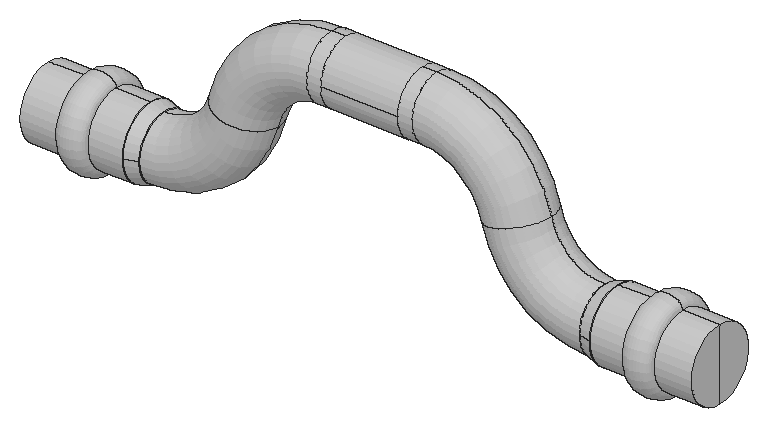
Revit family "PF_Арматура трубопровода [Фитинг из нержавеющей стали - пресс-обвод VTi.971.I] - VALTEC", category Арматура трубопроводов, Revit 2018
Family settings
  Размер круглого соединителя = Использовать диаметр
  Тип детали = Вставляется
  На основе рабочей плоскости = Нет
  Всегда вертикально = Да
  При загрузке вырезать с полостями = Нет
  Общий = Нет
Parameters (values of type "VTi.971.I")
  Таблица 2 = "PF_Арматура трубопровода [Фитинг из нержавеющей стали - пресс-обвод VTi.971.I] - VALTEC - Таблица 2"  # constant formula
  Таблица 1 = "PF_Арматура трубопровода [Фитинг из нержавеющей стали - пресс-обвод VTi.971.I] - VALTEC - Таблица 1"  # constant formula
  КМС [instance] = size_lookup(Таблица 2, "КМС", 0, k)  # 0.68
  Изготовитель = "VALTEC"  # constant formula
  r [instance] = size_lookup(Таблица 1, "r", 0 mm, k)  # 16.4 mm
  l5 [instance] = (L1 * 15.7) / 100  # 20.096 mm
  l4 [instance] = (L1 * 2) / 100  # 2.56 mm
  l3 [instance] = (L1 * 5.2) / 100  # 6.656 mm
  l2 [instance] = (L1 * 4.4) / 100  # 5.632 mm
  l1 [instance] = (L1 * 5.6) / 100  # 7.168 mm
  k [instance] = 12 mm
  H [instance] = size_lookup(Таблица 1, "H", 0 mm, k)  # 31 mm
  d [instance] = size_lookup(Таблица 1, "d", 0 mm, k)  # 12 mm
  URL = "https://valtec.ru/"
  L1 [instance] = size_lookup(Таблица 1, "L1", 0 mm, k)  # 128 mm
  ADSK_Расход жидкости [instance] = 0.0 L/s
  ADSK_Примечание [instance] = ""
  ADSK_Позиция [instance] = ""
  ADSK_Обозначение [instance] = "VTi.971.I"  # constant formula
  ADSK_Наименование [instance] = size_lookup(Таблица 1, "", "Данный типоразмер отсутствует", k)  # "Фитинг из нержавеющей стали - пресс-обвод 12 х 12 мм"
  ADSK_Материал = Сталь, нержавеющая - VALTEC
  ADSK_Масса [instance] = size_lookup(Таблица 1, "ADSK_Масса", 0, k)  # 0.057
  ADSK_Марка [instance] = size_lookup(Таблица 2, "", "Данный типоразмер отсутствует", k)  # "VTi.971.I.001212"
  ADSK_Код изделия [instance] = size_lookup(Таблица 2, "", "Данный типоразмер отсутствует", k)  # "VTi.971.I.001212"
  ADSK_Завод-изготовитель [instance] = Изготовитель  # "VALTEC"
  ADSK_Единица измерения [instance] = "шт."  # constant formula
  ADSK_URL страницы изделия = "https://valtec.ru/catalog/sistemy_truboprovodov_iz_nerzhavejushhej_stali/fitingi_iz_nerzhavejushhej_stali/press_fiting_iz_nerjaveyushej_stali_s_narujnoj_rezboj_vti901i.html"
  ADSK_URL документации изделия = "https://valtec.ru/document/technical/VT.INOX-PRESS-0117.pdf"
  h [instance] = (L1 * 1.4) / 100  # 1.792 mm
  dн [instance] = size_lookup(Таблица 1, "dн", 0 mm, k)  # 13.6 mm
Reference planes
  plane 1 "По центру (Вперед/Назад)": y = 0
  plane 2: z = 0
  plane 3 "По центру (Влево/Вправо)": x = 0
  plane 4: x = -64
  plane 5: x = 64
  plane 6: x = -56.832
  plane 7: x = -51.2
  plane 8: x = -44.544
  plane 9: x = -41.984
  plane 10: x = 56.832
  plane 11: x = 51.2
  plane 12: x = 44.544
  plane 13: x = 41.984
  plane 14: x = -10.048
  plane 15: x = 10.048
  plane 16: x = -26.016
  plane 17: x = 26.016
  plane 18: z = 31
  plane 19: z = 25
  plane 20: z = 19
  plane 21: z = 12.5
  plane 22: x = -7.348
  plane 23: x = 7.348
  plane 24: z = 6.8
  plane 25: z = -6.8
Forms (mm)
  Blend 1, solid, material "Сталь, нержавеющая - VALTEC" <- "ADSK_Материал", detail levels fine
    base sketch origin (0, 0, 0) x (0, 1, 0) y (0, 0, 1)
      loop
        circle (0, 0) r 6.8
    top sketch origin (0, 0, 0) x (0, 1, 0) y (0, 0, 1)
      loop
        circle (0, 0) r 6
    from 44.544 to 41.984
  Blend 2, solid, material "Сталь, нержавеющая - VALTEC" <- "ADSK_Материал", detail levels fine
    base sketch origin (0, 0, 0) x (0, 1, 0) y (0, 0, 1)
      loop
        circle (0, 0) r 6.8
    top sketch origin (0, 0, 0) x (0, 1, 0) y (0, 0, 1)
      loop
        circle (0, 0) r 6
    from -44.544 to -41.984
  Sweep 3, solid, material "Сталь, нержавеющая - VALTEC" <- "ADSK_Материал", detail levels fine
    path origin (0, 0, 0) x (1, 0, 0) y (0, 0, 1)
      loop
        line (-44.544, 0) -> (-41.984, 0)
        arc (-41.984, 0) -> (-31.836, 3.486) -> (-26.016, 12.5) r 16.4
        arc (-26.016, 12.5) -> (-20.196, 21.514) -> (-10.048, 25) r 16.4
        line (-10.048, 25) -> (-7.334, 25)
    profile origin (-26.016, 0, 12.5) x (-0.971314, 0, 0.237802) y (0, -1, 0)
      loop
        circle (0, 0) r 6
  Sweep 4, solid, material "Сталь, нержавеющая - VALTEC" <- "ADSK_Материал", detail levels fine
    path origin (0, 0, 0) x (-1, 0, 0) y (0, 0, 1)
      loop
        line (-44.544, 0) -> (-41.984, 0)
        arc (-41.984, 0) -> (-31.836, 3.486) -> (-26.016, 12.5) r 16.4
        arc (-26.016, 12.5) -> (-20.196, 21.514) -> (-10.048, 25) r 16.4
        line (-10.048, 25) -> (-7.348, 25)
    profile origin (26.016, 0, 12.5) x (-0.971314, 0, -0.237802) y (0, -1, 0)
      loop
        circle (0, 0) r 6
  Extrusion 5, solid, material "Сталь, нержавеющая - VALTEC" <- "ADSK_Материал", detail levels fine
    sketch origin (0, 0, 0) x (0, 1, 0) y (0, 0, 1)
      loop
        circle (0, 25) r 6
    from -7.334 to 7.348
  Revolve 6, solid, material "Сталь, нержавеющая - VALTEC" <- "ADSK_Материал", detail levels fine
    sketch origin (0, 0, 0) x (1, 0, 0) y (0, 0, 1)
      loop
        line (-56.832, 6.8) -> (-64, 6.8) -> (-64, 0) -> (-44.544, 0) -> (-44.544, 6.8) -> (-51.2, 6.8)
        spline (-51.2, 6.8) -> (-51.296, 7.264) -> (-51.577, 7.696) -> (-52.025, 8.067) -> (-52.608, 8.352) -> (-53.287, 8.531) -> (-54.016, 8.592) -> (-54.745, 8.531) -> (-55.424, 8.352) -> (-56.007, 8.067) -> (-56.455, 7.696) -> (-56.736, 7.264) -> (-56.832, 6.8)
      axis (-64, 0) -> (-44.544, 0)
    angle from 0 to 360
  Revolve 7, solid, material "Сталь, нержавеющая - VALTEC" <- "ADSK_Материал", detail levels fine
    sketch origin (0, 0, 0) x (1, 0, 0) y (0, 0, 1)
      loop
        line (51.2, 6.8) -> (44.544, 6.8) -> (44.544, 0) -> (64, 0) -> (64, 6.8) -> (56.832, 6.8)
        spline (56.832, 6.8) -> (56.736, 7.264) -> (56.455, 7.696) -> (56.007, 8.067) -> (55.424, 8.352) -> (54.745, 8.531) -> (54.016, 8.592) -> (53.287, 8.531) -> (52.608, 8.352) -> (52.025, 8.067) -> (51.577, 7.696) -> (51.296, 7.264) -> (51.2, 6.8)
      axis (44.544, 0) -> (64, 0)
    angle from 0 to 360
Cuts and joins
  joined: Sweep 3, Sweep 4, Extrusion 5
Lines and regions (mm)
  model lines, detail levels coarse+medium
    curve 1: line (-10.048, 0, 25) -> (10.048, 0, 25)
    curve 2: line (-64, 0, 0) -> (-41.984, 0, 0)
    curve 3: line (41.984, 0, 0) -> (64, 0, 0)
    curve 4: arc (-41.984, 0, 0) -> (-31.836, 0, 3.486) -> (-26.016, 0, 12.5) r 16.4
    curve 5: arc (41.984, 0, 0) -> (31.836, 0, 3.486) -> (26.016, 0, 12.5) r 16.4
    curve 6: arc (-26.016, 0, 12.5) -> (-20.196, 0, 21.514) -> (-10.048, 0, 25) r 16.4
    curve 7: arc (26.016, 0, 12.5) -> (20.196, 0, 21.514) -> (10.048, 0, 25) r 16.4
Dimensions and locks
  equal spacing: plane 4, plane 3 "По центру (Влево/Вправо)", plane 5
  "L1": plane 4 to plane 5
  "l1": plane 4 to plane 6
  "l2": plane 6 to plane 7
  "l3": plane 7 to plane 8
  "l4": plane 8 to plane 9
  "l1": plane 5 to plane 10
  "l2": plane 10 to plane 11
  "l3": plane 11 to plane 12
  "l4": plane 12 to plane 13
  equal spacing: plane 14, plane 3 "По центру (Влево/Вправо)", plane 15
  "l5": plane 14 to plane 15
  equal spacing: plane 9, plane 16, plane 14
  equal spacing: plane 15, plane 17, plane 13
  equal spacing: plane 18, plane 19, plane 20
  "d": plane 18 to plane 20
  "H": plane 18 to plane 2
  equal spacing: plane 19, plane 21, plane 2
  locked: Sweep 3 sketch curve to Sweep 3 sketch curve at 2.714
  locked: plane 14 to plane 22 at 2.7
  locked: plane 23 to plane 15 at 2.7
  equal spacing: plane 24, plane 2, plane 25
  "dн": plane 24 to plane 25
  "h": Revolve 6 sketch curve to Revolve 6 sketch curve
  "h": Revolve 7 sketch curve to Revolve 7 sketch curve
  "dн": diameter of Blend 1 sketch curve
  "d": diameter of Blend 1 sketch curve
  "dн": diameter of Blend 2 sketch curve
  "d": diameter of Blend 2 sketch curve
  "r": radius of curve 4
  "r": radius of curve 5
  "r": radius of curve 6
  "r": radius of curve 7
  "r": radius of Sweep 3 sketch curve  (x2)
  "d": diameter of Sweep 3 sketch curve
  "r": radius of Sweep 4 sketch curve  (x2)
  "d": diameter of Sweep 4 sketch curve
  "d": diameter of Extrusion 5 sketch curve
  aligned and locked: level to plane 2
  aligned and locked: level to Blend 1 sketch curve  (x2)
  aligned and locked: plane 1 "По центру (Вперед/Назад)" to Blend 1 sketch curve  (x2)
  aligned and locked: level to Blend 2 sketch curve  (x2)
  aligned and locked: plane 1 "По центру (Вперед/Назад)" to Blend 2 sketch curve  (x2)
  aligned and locked: Blend 2 to plane 8
  aligned and locked: plane 9 to Blend 2
  aligned and locked: plane 12 to Blend 1
  aligned and locked: plane 13 to Blend 1
  aligned and locked: plane 5 to curve 3
  aligned and locked: plane 9 to curve 2
  aligned and locked: plane 4 to curve 2
  aligned and locked: curve 2 to level
  aligned and locked: curve 1 to plane 19
  aligned and locked: plane 16 to curve 4
  aligned and locked: level to curve 4
  aligned and locked: plane 21 to curve 5
  aligned and locked: plane 17 to curve 5
  aligned and locked: plane 13 to curve 5
  aligned and locked: level to curve 5
  aligned and locked: plane 21 to curve 6
  aligned and locked: plane 16 to curve 6
  aligned and locked: plane 15 to curve 7
  aligned and locked: plane 19 to curve 7
  aligned and locked: level to Sweep 3 sketch curve
  aligned and locked: plane 21 to Sweep 3 sketch curve
  aligned and locked: plane 16 to Sweep 3 sketch curve  (x2)
  aligned and locked: plane 1 "По центру (Вперед/Назад)" to Sweep 3 sketch curve
  aligned and locked: Sweep 3 sketch curve to plane 19
  aligned and locked: plane 8 to Sweep 3 sketch curve
  aligned and locked: plane 9 to Sweep 3 sketch curve
  aligned and locked: Sweep 3 sketch curve to level
  aligned and locked: plane 17 to Sweep 4 sketch curve  (x2)
  aligned and locked: level to Sweep 4 sketch curve  (x2)
  aligned and locked: plane 13 to Sweep 4 sketch curve
  aligned and locked: plane 12 to Sweep 4 sketch curve
  aligned and locked: plane 19 to Extrusion 5 sketch curve
  aligned and locked: plane 1 "По центру (Вперед/Назад)" to Extrusion 5 sketch curve
  aligned and locked: Extrusion 5 to Sweep 3
  aligned and locked: Extrusion 5 to plane 23
  aligned and locked: plane 19 to Sweep 4 sketch curve
  aligned and locked: plane 15 to Sweep 4 sketch curve
  aligned and locked: plane 23 to Sweep 4 sketch curve
  aligned and locked: Sweep 4 sketch curve to plane 19
  aligned and locked: plane 6 to Revolve 6 sketch curve
  aligned and locked: plane 7 to Revolve 6 sketch curve
  aligned and locked: Revolve 6 sketch curve to level  (x2)
  aligned and locked: Revolve 6 sketch curve to plane 4
  aligned and locked: plane 24 to Revolve 6 sketch curve  (x2)
  aligned and locked: plane 8 to Revolve 6 sketch curve
  aligned and locked: plane 11 to Revolve 7 sketch curve
  aligned and locked: plane 10 to Revolve 7 sketch curve
  aligned and locked: plane 24 to Revolve 7 sketch curve  (x2)
  aligned and locked: plane 12 to Revolve 7 sketch curve
  aligned and locked: Revolve 7 sketch curve to level  (x2)
  aligned and locked: Revolve 7 sketch curve to plane 5
Automatic sketch dimensions
  Sweep 3 sketch curve to profile plane = 0 mm
  plane 1 "По центру (Вперед/Назад)" to Sweep 4 sketch curve = 0 mm
  Sweep 4 sketch curve to profile plane = 0 mm
  Revolve 6 sketch curve to plane 4 = 1287.99 mm
  Revolve 6 sketch curve to plane 5 = 1834.983 mm
  Revolve 7 sketch curve to plane 4 = 1287.99 mm
  Revolve 7 sketch curve to plane 5 = 1834.983 mm
Connectors
  piping at (-64, 0, 0), diameter 12, driven by "k", driven by "КМС", driven by "ADSK_Расход жидкости"
    settings: on Revolve 6, index 1, connector inside diameter 609.6 mm, connector length 0 mm, flow factor 0, pipe flow 0.0 L/s, pressure drop 0.0 Pa, fitting loss kfactor 0.68, connector angle 0.00°, fixture units 0, engagement length 0 mm, angle of deflection 0.00°, flow configuration 0, flow direction 0, fitting loss method 2, system type 29, joint type 0, gender type 0, connector reference index 2, connector utility 0, adjustable connector yes, is connector primary yes, connector description ""
  piping at (64, 0, 0), diameter 12, driven by "k"
    settings: on Revolve 7, index 2, connector inside diameter 609.6 mm, connector length 0 mm, flow factor 0, pipe flow 0.0 L/s, pressure drop 0.0 Pa, fitting loss kfactor 0, connector angle 0.00°, fixture units 0, engagement length 0 mm, angle of deflection 0.00°, flow configuration 0, flow direction 0, fitting loss method 0, system type 28, joint type 0, gender type 0, connector reference index 1, connector utility 0, adjustable connector no, is connector primary no, connector description ""
